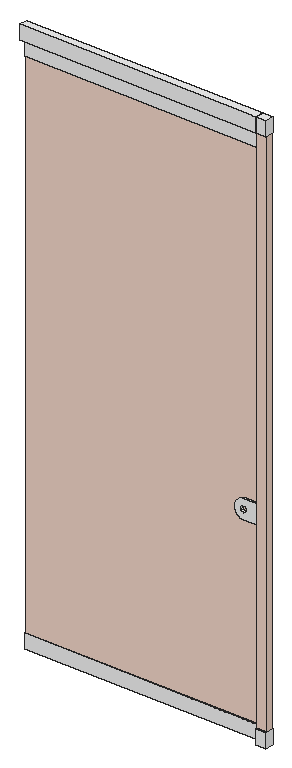
Revit family
Parameters
  Vis - Placement Lines = yes
  Vis - Door RHS = no
  Vis - Door LHS = yes
  Vis - Cubicle Legs = yes
  Top Frame Depth = 45 mm
  Plumbing Duct Depth = 300 mm
  Material Cubicle Panels = Toilet Cubicle Paneling
  Material Cubicle Frame = Toilet Cubicle Frame
  Material Cubicle Feet = Toilet Cubicle Feet
  Keynote = "K32"
  Handle Mounting Height = 800 mm
  End Panel Width [instance] = 32.5 mm
  Door Width = Cubicle Width - 65 mm  # 755 mm
  Door Head Clearance = 10 mm
  Cubicle Width = Cubicle Clear Width + Cubicle Panel Thickness  # 820 mm
  Cubicle Panel Thickness = 20 mm
  Cubicle Height = 1800 mm
  Cubicle Depth = 1500 mm
  Cubicle Clear Width = 800 mm
  Bttm Frame Depth = 45 mm
  Base Offset = 150 mm
Reference planes
  plane 1 "Center (Front/Back)": y = 0
  plane 2: z = 0
  plane 3 "Center (Left/Right)": x = -12.069
  plane 4: x = -422.069
  plane 5: x = 397.931
  plane 6: y = -1800
  plane 7: y = -300
  plane 8: z = 150
  plane 9: z = 1950
  plane 10: x = -389.569
  plane 11: x = 365.431
  plane 12: z = 1905
  plane 13: z = 1895
  plane 14: z = 195
  plane 15: x = -454.569
  plane 16: x = 430.431
  plane 17: z = 800
Forms (mm)
  Extrusion 1, solid, material "Toilet Cubicle Frame" <- "Material Cubicle Frame"
    sketch origin (142.5, 0, 1950) x (0, -1, 0) y (-1, 0, 0)
      loop
        line (1813, 532.069) -> (1787.295, 532.069) -> (1787.295, -222.931) -> (1813, -222.931) -> (1813, 532.069)
    from 0 to 45
  Extrusion 2, solid, material "Toilet Cubicle Frame" <- "Material Cubicle Frame"
    sketch origin (397.931, 0, 0) x (0, -1, 0) y (0, 0, 1)
      loop
        line (1813, 1905) -> (1813, 1950) -> (1787.295, 1950) -> (1787.295, 1905) -> (1813, 1905)
      loop
        line (1813, 150) -> (1813, 195) -> (1787.295, 195) -> (1787.295, 150) -> (1813, 150)
    from 32.5 to 0
  Extrusion 3, solid, material "Toilet Cubicle Paneling" <- "Material Cubicle Panels"
    sketch origin (397.931, 0, 0) x (0, -1, 0) y (0, 0, 1)
      loop
        line (1810, 195) -> (1810, 1905) -> (1790, 1905) -> (1790, 195) -> (1810, 195)
    from 32.5 to 0
Lines and regions (mm)
  reference lines
    curve 1: line (397.931, -1564.472, 0) -> (397.931, -1984.472, 0)
  symbolic lines, style "Toilet Cubicles", visible <- "Vis - Placement Lines"
    curve 2: line (397.931, -1800, 0) -> (397.931, -300, 0)
    curve 3: line (-422.069, -300, 0) -> (397.931, -300, 0)
Dimensions and locks
  equal spacing: plane 4, plane 3 "Center (Left/Right)", plane 5
  "Cubicle Width": plane 4 to plane 5
  "Plumbing Duct Depth": plane 7 to plane 1 "Center (Front/Back)"
  "Cubicle Depth": plane 6 to plane 7
  "Base Offset": plane 8 to level
  "Cubicle Height": plane 9 to plane 8
  equal spacing: plane 10, plane 3 "Center (Left/Right)", plane 11
  "Door Width": plane 10 to plane 11
  "Top Frame Depth": plane 9 to plane 12
  "Door Head Clearance": plane 12 to plane 13
  "Bttm Frame Depth": plane 14 to plane 8
  equal spacing: plane 15, plane 4, plane 10
  equal spacing: plane 11, plane 5, plane 16
  "Handle Mounting Height": plane 17 to level
  "End Panel Width": plane 11 to curve 1
  aligned and locked: Extrusion 1 to plane 9
  aligned and locked: plane 12 to Extrusion 1
  aligned and locked: Extrusion 1 sketch curve to plane 11
  aligned and locked: nested 1 to plane 13
  aligned and locked: plane 10 to Extrusion 1
  aligned and locked: plane 6 to nested 1
  aligned and locked: nested 1 to plane 3 "Center (Left/Right)"
  aligned and locked: plane 11 to Extrusion 3
  aligned and locked: plane 11 to Extrusion 2
  aligned and locked: Extrusion 3 to curve 1
  aligned and locked: Extrusion 2 to Extrusion 3
  aligned and locked: curve 2 to nested 1
  aligned and locked: plane 7 to curve 3
Automatic sketch dimensions
  Extrusion 1 sketch curve to plane 6 = 12.705 mm
  plane 6 to Extrusion 1 sketch curve = 13 mm
  Extrusion 1 sketch curve to Extrusion 1 sketch curve = 755 mm
  Extrusion 2 sketch curve to plane 14 = 0 mm
  Extrusion 2 sketch curve to plane 12 = 0 mm
  Extrusion 2 sketch curve to plane 8 = 0 mm
  Extrusion 2 sketch curve to plane 9 = 0 mm
  Extrusion 2 sketch curve to plane 6 = 12.705 mm  (x2)
  plane 6 to Extrusion 2 sketch curve = 13 mm  (x2)
  Extrusion 3 sketch curve to plane 14 = 0 mm
  Extrusion 3 sketch curve to plane 12 = 0 mm
  Extrusion 3 sketch curve to plane 6 = 10 mm
  plane 6 to Extrusion 3 sketch curve = 10 mm
  plane 6 to curve 1 = 184.472 mm
  curve 1 to plane 6 = 235.528 mm
  curve 3 to plane 4 = 0 mm
  curve 2 to plane 6 = 0 mm
Nested families
  nested 1: "UK_Toilet Door" at (-10, 0, 0), Cubicle Width <- "Cubicle Width", type "End/Corner Cubicle"
    with Door Width 755 mm, Cubicle Width 820 mm
Definition of nested family "UK_Toilet Door"
  Parameters (values of type "End/Corner Cubicle")
    Vis - Door RHS = no
    Vis - Door LHS = yes
    Top Frame Depth = 45 mm
    Material Cubicle Panels = Toilet Cubicle Paneling
    Material Cubicle Frame = Toilet Cubicle Frame
    Material Cubicle Feet = Toilet Cubicle Feet
    Handle Mounting Height = 800 mm
    Door Width [instance] = Cubicle Width - 65 mm  # 735 mm
    Door Head Clearance = 10 mm
    Cubicle Width [instance] = 800 mm
    Cubicle Panel Thickness = 20 mm
    Cubicle Height = 1800 mm
    Cubicle Depth = 1500 mm
    Bttm Frame Depth = 45 mm
    Base Offset = 150 mm
  Types (4, lengths in mm): name | Door Width | Cubicle Width
    (no name) | 735 | 800
    End/Corner Cubicle | 735 | 800
    Mid Cubicle | 785 | 850
    Cubicle Abutting Wall | 785 | 850
  Reference planes
    plane 1: z = 0
    plane 2 "Center (Left/Right)": x = -2.069
    plane 3: x = -402.069
    plane 4: x = 397.931
    plane 5 "Front of Cubicle": y = -1800
    plane 6: z = 150
    plane 7: z = 1950
    plane 8: x = -369.569
    plane 9: x = 365.431
    plane 10: z = 1905
    plane 11: z = 1895
    plane 12: z = 195
    plane 13: x = -434.569
    plane 14: x = 430.431
    plane 15: z = 800
    plane 16: y = -1780
  Forms (mm)
    Extrusion 1, solid, material "Toilet Cubicle Frame" <- "Material Cubicle Frame"
      sketch origin (-2.069, 0, 0) x (0, 1, 0) y (0, 0, 1)
        loop
          line (-1793, 1850) -> (-1767, 1850) -> (-1767, 1895) -> (-1793, 1895) -> (-1793, 1850)
        loop
          line (-1793, 195) -> (-1793, 150) -> (-1767, 150) -> (-1767, 195) -> (-1793, 195)
      from 367.5 to -367.5
    Extrusion 2, solid, material "Toilet Cubicle Paneling" <- "Material Cubicle Panels"
      sketch origin (0, 0, 0) x (1, 0, 0) y (0, 1, 0)
        loop
          line (-369.569, -1790) -> (365.431, -1790) -> (365.431, -1770) -> (-369.569, -1770) -> (-369.569, -1790)
      from 195 to 1850
  Lines and regions (mm)
    symbolic lines, visible <- "Vis - Door LHS"
      curve 1: line (-369.569, -1767, 0) -> (-369.569, -1032, 0)
      curve 2: arc (365.431, -1767, 0) -> (150.155, -1247.277, 0) -> (-369.569, -1032, 0) r 735
    symbolic lines, visible <- "Vis - Door RHS"
      curve 3: line (365.431, -1767, 0) -> (365.431, -1032, 0)
      curve 4: arc (-369.569, -1767, 0) -> (-154.292, -1247.277, 0) -> (365.431, -1032, 0) r 735
  Dimensions and locks
    equal spacing: plane 3, plane 2 "Center (Left/Right)", plane 4
    "Cubicle Width": plane 3 to plane 4
    "Base Offset": plane 6 to level
    "Cubicle Height": plane 7 to plane 6
    equal spacing: plane 8, plane 2 "Center (Left/Right)", plane 9
    "Door Width": plane 8 to plane 9
    "Top Frame Depth": plane 7 to plane 10
    "Door Head Clearance": plane 10 to plane 11
    "Bttm Frame Depth": plane 12 to plane 6
    equal spacing: plane 13, plane 3, plane 8
    equal spacing: plane 9, plane 4, plane 14
    "Handle Mounting Height": plane 15 to level
    "Cubicle Panel Thickness": plane 5 "Front of Cubicle" to plane 16
    equal spacing: Extrusion 2, plane 16, Extrusion 2
    "Cubicle Panel Thickness": Extrusion 2 to Extrusion 2
    locked: Extrusion 1 sketch curve to Extrusion 2 at 3  (x2)
    locked: Extrusion 2 to Extrusion 1 sketch curve at 3  (x2)
    aligned and locked: curve 2 to plane 8
    aligned and locked: plane 15 to nested 2
    aligned and locked: nested 1 to plane 9
    aligned and locked: nested 2 to plane 8
    aligned and locked: plane 16 to nested 1
    aligned and locked: nested 2 to plane 16
    aligned and locked: Extrusion 1 sketch curve to plane 11
    aligned and locked: Extrusion 1 to plane 9
    aligned and locked: plane 8 to Extrusion 1
    aligned and locked: Extrusion 2 to Extrusion 1
    aligned and locked: plane 12 to Extrusion 2
    aligned and locked: plane 8 to Extrusion 2
    aligned and locked: Extrusion 2 to plane 9
    aligned and locked: curve 1 to plane 8
    aligned and locked: curve 3 to plane 9
  Automatic sketch dimensions
    curve 1 to plane 5 "Front of Cubicle" = 33 mm
    curve 2 to curve 1 = 0 mm
    Extrusion 1 sketch curve to plane 6 = 0 mm
    Extrusion 1 sketch curve to plane 12 = 0 mm
    plane 11 to Extrusion 1 sketch curve = 45 mm
    Extrusion 2 sketch curve to plane 16 = 10 mm
    Extrusion 2 sketch curve to plane 8 = 0 mm
    plane 9 to Extrusion 2 sketch curve = 0 mm
    Extrusion 2 sketch curve to plane 5 "Front of Cubicle" = 10 mm
  Nested families
    nested 1: "Toilet Cubicle Handle" at (365.431, -1779.907, 0), visible <- "Vis - Door LHS", type "Toilet Cubicle Handle"
    nested 2: "Toilet Cubicle Handle" at (-369.569, -1779.907, -0.091) x (-1, 0, 0) z (0, 0, 1), visible <- "Vis - Door RHS", type "Toilet Cubicle Handle"
  Definition of nested family "Toilet Cubicle Handle"
    Parameters
      Panel Thickness = 20 mm
      Material  Handle = none
      Handle Z = 800 mm
      Handle X = 50 mm
    Reference planes
      plane 1 "Center (Front/Back)": y = -0.093
      plane 2: z = 0
      plane 3 "Center (Left/Right)": x = 0
      plane 4: z = 800
      plane 5: x = -50
      plane 6: y = -10.093
      plane 7: y = 9.907
    Forms (mm)
      Extrusion 1, solid, material <- "Material  Handle"
        sketch origin (0, -0.093, 0) x (1, 0, 0) y (0, 0, 1)
          loop
            line (0, 770) -> (0, 830.183) -> (-49.948, 830.183)
            arc (-49.948, 830.183) -> (-80.039, 800.091) -> (-49.948, 770) r 30.091
            line (-49.948, 770) -> (0, 770)
          loop
            circle (-49.948, 800.091) r 10
        from -18 to 18
    Dimensions and locks
      "Handle X": plane 5 to plane 3 "Center (Left/Right)"
      "Handle Z": plane 4 to level
      equal spacing: plane 7, plane 1 "Center (Front/Back)", plane 6
      "Panel Thickness": plane 6 to plane 7
      locked: Extrusion 1 to plane 7 at 8
      locked: Extrusion 1 to plane 6 at 8
    Automatic sketch dimensions
      Extrusion 1 sketch curve to Extrusion 1 sketch curve = 0 mm  (x2)
      Extrusion 1 sketch curve to plane 3 "Center (Left/Right)" = 0 mm
      Extrusion 1 sketch curve to plane 5 = 0.052 mm
      plane 4 to Extrusion 1 sketch curve = 30 mm
      Extrusion 1 sketch curve to plane 4 = 0.091 mm
      radius of Extrusion 1 sketch curve = 10 mm
